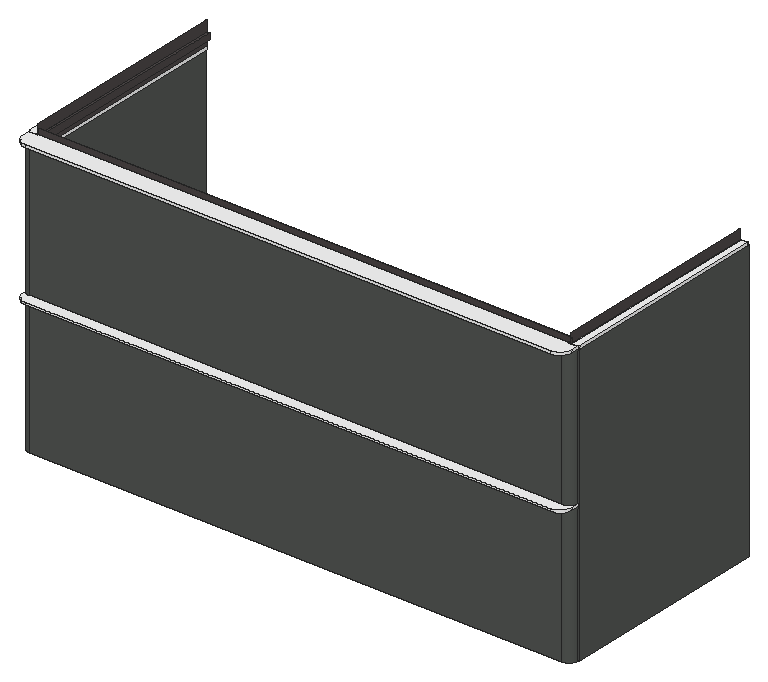
Revit family "vanity unit with 2 drawers", category Furniture, Revit 2019 (continued)
Nested families
  nested 88: "vanity unit 780_475 with 2 drawers for washbasin-54029670-natural oak-matt_black-400_content" at (0, 0, 0), visible <- "Vanity unit 780_475 with 2 drawers for washbasin-54029670-Natural Oak-MATT_BLACK-400_RX0RY0RZ0TX0TY0TZ0_V", ContentVisible <- "Vanity unit 780_475 with 2 drawers for washbasin-54029670-Natural Oak-MATT_BLACK-400_RX0RY0RZ0TX0TY0TZ0_V", type ""
    with ContentVisible no
  nested 89: "vanity unit 780_475 with 2 drawers for washbasin-54029700-natural oak-matt_white-200_content" at (0, 0, 0), visible <- "Vanity unit 780_475 with 2 drawers for washbasin-54029700-Natural Oak-MATT_WHITE-200_RX0RY0RZ0TX0TY0TZ0_V", ContentVisible <- "Vanity unit 780_475 with 2 drawers for washbasin-54029700-Natural Oak-MATT_WHITE-200_RX0RY0RZ0TX0TY0TZ0_V", type ""
    with ContentVisible no
  nested 90: "vanity unit 780_475 with 2 drawers for washbasin-54029700-natural oak-matt_white-400_content" at (0, 0, 0), visible <- "Vanity unit 780_475 with 2 drawers for washbasin-54029700-Natural Oak-MATT_WHITE-400_RX0RY0RZ0TX0TY0TZ0_V", ContentVisible <- "Vanity unit 780_475 with 2 drawers for washbasin-54029700-Natural Oak-MATT_WHITE-400_RX0RY0RZ0TX0TY0TZ0_V", type ""
    with ContentVisible no
  nested 91: "vanity unit 780_475 with 2 drawers for washbasin-54030000-dark walnut-chrome-200_content" at (0, 0, 0), visible <- "Vanity unit 780_475 with 2 drawers for washbasin-54030000-Dark Walnut-CHROME-200_RX0RY0RZ0TX0TY0TZ0_V", ContentVisible <- "Vanity unit 780_475 with 2 drawers for washbasin-54030000-Dark Walnut-CHROME-200_RX0RY0RZ0TX0TY0TZ0_V", type ""
    with ContentVisible no
  nested 92: "vanity unit 780_475 with 2 drawers for washbasin-54030000-dark walnut-chrome-400_content" at (0, 0, 0), visible <- "Vanity unit 780_475 with 2 drawers for washbasin-54030000-Dark Walnut-CHROME-400_RX0RY0RZ0TX0TY0TZ0_V", ContentVisible <- "Vanity unit 780_475 with 2 drawers for washbasin-54030000-Dark Walnut-CHROME-400_RX0RY0RZ0TX0TY0TZ0_V", type ""
    with ContentVisible no
  nested 93: "vanity unit 780_475 with 2 drawers for washbasin-54030670-dark walnut-matt_black-200_content" at (0, 0, 0), visible <- "Vanity unit 780_475 with 2 drawers for washbasin-54030670-Dark Walnut-MATT_BLACK-200_RX0RY0RZ0TX0TY0TZ0_V", ContentVisible <- "Vanity unit 780_475 with 2 drawers for washbasin-54030670-Dark Walnut-MATT_BLACK-200_RX0RY0RZ0TX0TY0TZ0_V", type ""
    with ContentVisible no
  nested 94: "vanity unit 780_475 with 2 drawers for washbasin-54030670-dark walnut-matt_black-400_content" at (0, 0, 0), visible <- "Vanity unit 780_475 with 2 drawers for washbasin-54030670-Dark Walnut-MATT_BLACK-400_RX0RY0RZ0TX0TY0TZ0_V", ContentVisible <- "Vanity unit 780_475 with 2 drawers for washbasin-54030670-Dark Walnut-MATT_BLACK-400_RX0RY0RZ0TX0TY0TZ0_V", type ""
    with ContentVisible no
  nested 95: "vanity unit 780_475 with 2 drawers for washbasin-54030700-dark walnut-matt_white-200_content" at (0, 0, 0), visible <- "Vanity unit 780_475 with 2 drawers for washbasin-54030700-Dark Walnut-MATT_WHITE-200_RX0RY0RZ0TX0TY0TZ0_V", ContentVisible <- "Vanity unit 780_475 with 2 drawers for washbasin-54030700-Dark Walnut-MATT_WHITE-200_RX0RY0RZ0TX0TY0TZ0_V", type ""
    with ContentVisible no
  nested 96: "vanity unit 780_475 with 2 drawers for washbasin-54030700-dark walnut-matt_white-400_content" at (0, 0, 0), visible <- "Vanity unit 780_475 with 2 drawers for washbasin-54030700-Dark Walnut-MATT_WHITE-400_RX0RY0RZ0TX0TY0TZ0_V", ContentVisible <- "Vanity unit 780_475 with 2 drawers for washbasin-54030700-Dark Walnut-MATT_WHITE-400_RX0RY0RZ0TX0TY0TZ0_V", type ""
    with ContentVisible no
  nested 97: "vanity unit 980_475 with 2 drawers for washbasin-54031000-high gloss white-chrome-200_content" at (0, 0, 0), visible <- "Vanity unit 980_475 with 2 drawers for washbasin-54031000-High Gloss White-CHROME-200_RX0RY0RZ0TX0TY0TZ0_V", ContentVisible <- "Vanity unit 980_475 with 2 drawers for washbasin-54031000-High Gloss White-CHROME-200_RX0RY0RZ0TX0TY0TZ0_V", type ""
    with ContentVisible no
  nested 98: "vanity unit 980_475 with 2 drawers for washbasin-54031000-high gloss white-chrome-400_content" at (0, 0, 0), visible <- "Vanity unit 980_475 with 2 drawers for washbasin-54031000-High Gloss White-CHROME-400_RX0RY0RZ0TX0TY0TZ0_V", ContentVisible <- "Vanity unit 980_475 with 2 drawers for washbasin-54031000-High Gloss White-CHROME-400_RX0RY0RZ0TX0TY0TZ0_V", type ""
    with ContentVisible no
  nested 99: "vanity unit 980_475 with 2 drawers for washbasin-54031670-high gloss white-matt_black-200_content" at (0, 0, 0), visible <- "Vanity unit 980_475 with 2 drawers for washbasin-54031670-High Gloss White-MATT_BLACK-200_RX0RY0RZ0TX0TY0TZ0_V", ContentVisible <- "Vanity unit 980_475 with 2 drawers for washbasin-54031670-High Gloss White-MATT_BLACK-200_RX0RY0RZ0TX0TY0TZ0_V", type ""
    with ContentVisible no
  nested 100: "vanity unit 980_475 with 2 drawers for washbasin-54031670-high gloss white-matt_black-400_content" at (0, 0, 0), visible <- "Vanity unit 980_475 with 2 drawers for washbasin-54031670-High Gloss White-MATT_BLACK-400_RX0RY0RZ0TX0TY0TZ0_V", ContentVisible <- "Vanity unit 980_475 with 2 drawers for washbasin-54031670-High Gloss White-MATT_BLACK-400_RX0RY0RZ0TX0TY0TZ0_V", type ""
    with ContentVisible no
  nested 101: "vanity unit 980_475 with 2 drawers for washbasin-54031700-high gloss white-matt_white-200_content" at (0, 0, 0), visible <- "Vanity unit 980_475 with 2 drawers for washbasin-54031700-High Gloss White-MATT_WHITE-200_RX0RY0RZ0TX0TY0TZ0_V", ContentVisible <- "Vanity unit 980_475 with 2 drawers for washbasin-54031700-High Gloss White-MATT_WHITE-200_RX0RY0RZ0TX0TY0TZ0_V", type ""
    with ContentVisible no
  nested 102: "vanity unit 980_475 with 2 drawers for washbasin-54031700-high gloss white-matt_white-400_content" at (0, 0, 0), visible <- "Vanity unit 980_475 with 2 drawers for washbasin-54031700-High Gloss White-MATT_WHITE-400_RX0RY0RZ0TX0TY0TZ0_V", ContentVisible <- "Vanity unit 980_475 with 2 drawers for washbasin-54031700-High Gloss White-MATT_WHITE-400_RX0RY0RZ0TX0TY0TZ0_V", type ""
    with ContentVisible no
  nested 103: "vanity unit 980_475 with 2 drawers for washbasin-54032000-diamond matt grey-chrome-200_content" at (0, 0, 0), visible <- "Vanity unit 980_475 with 2 drawers for washbasin-54032000-Diamond Matt Grey-CHROME-200_RX0RY0RZ0TX0TY0TZ0_V", ContentVisible <- "Vanity unit 980_475 with 2 drawers for washbasin-54032000-Diamond Matt Grey-CHROME-200_RX0RY0RZ0TX0TY0TZ0_V", type ""
    with ContentVisible no
  nested 104: "vanity unit 980_475 with 2 drawers for washbasin-54032000-diamond matt grey-chrome-400_content" at (0, 0, 0), visible <- "Vanity unit 980_475 with 2 drawers for washbasin-54032000-Diamond Matt Grey-CHROME-400_RX0RY0RZ0TX0TY0TZ0_V", ContentVisible <- "Vanity unit 980_475 with 2 drawers for washbasin-54032000-Diamond Matt Grey-CHROME-400_RX0RY0RZ0TX0TY0TZ0_V", type ""
    with ContentVisible no
  nested 105: "vanity unit 980_475 with 2 drawers for washbasin-54032670-diamond matt grey-matt_black-200_content" at (0, 0, 0), visible <- "Vanity unit 980_475 with 2 drawers for washbasin-54032670-Diamond Matt Grey-MATT_BLACK-200_RX0RY0RZ0TX0TY0TZ0_V", ContentVisible <- "Vanity unit 980_475 with 2 drawers for washbasin-54032670-Diamond Matt Grey-MATT_BLACK-200_RX0RY0RZ0TX0TY0TZ0_V", type ""
    with ContentVisible no
  nested 106: "vanity unit 980_475 with 2 drawers for washbasin-54032670-diamond matt grey-matt_black-400_content" at (0, 0, 0), visible <- "Vanity unit 980_475 with 2 drawers for washbasin-54032670-Diamond Matt Grey-MATT_BLACK-400_RX0RY0RZ0TX0TY0TZ0_V", ContentVisible <- "Vanity unit 980_475 with 2 drawers for washbasin-54032670-Diamond Matt Grey-MATT_BLACK-400_RX0RY0RZ0TX0TY0TZ0_V", type ""
    with ContentVisible no
  nested 107: "vanity unit 980_475 with 2 drawers for washbasin-54032700-diamond matt grey-matt_white-200_content" at (0, 0, 0), visible <- "Vanity unit 980_475 with 2 drawers for washbasin-54032700-Diamond Matt Grey-MATT_WHITE-200_RX0RY0RZ0TX0TY0TZ0_V", ContentVisible <- "Vanity unit 980_475 with 2 drawers for washbasin-54032700-Diamond Matt Grey-MATT_WHITE-200_RX0RY0RZ0TX0TY0TZ0_V", type ""
    with ContentVisible no
  nested 108: "vanity unit 980_475 with 2 drawers for washbasin-54032700-diamond matt grey-matt_white-400_content" at (0, 0, 0), visible <- "Vanity unit 980_475 with 2 drawers for washbasin-54032700-Diamond Matt Grey-MATT_WHITE-400_RX0RY0RZ0TX0TY0TZ0_V", ContentVisible <- "Vanity unit 980_475 with 2 drawers for washbasin-54032700-Diamond Matt Grey-MATT_WHITE-400_RX0RY0RZ0TX0TY0TZ0_V", type ""
    with ContentVisible no
  nested 109: "vanity unit 980_475 with 2 drawers for washbasin-54033000-natural oak-chrome-200_content" at (0, 0, 0), visible <- "Vanity unit 980_475 with 2 drawers for washbasin-54033000-Natural Oak-CHROME-200_RX0RY0RZ0TX0TY0TZ0_V", ContentVisible <- "Vanity unit 980_475 with 2 drawers for washbasin-54033000-Natural Oak-CHROME-200_RX0RY0RZ0TX0TY0TZ0_V", type ""
    with ContentVisible no
  nested 110: "vanity unit 980_475 with 2 drawers for washbasin-54033000-natural oak-chrome-400_content" at (0, 0, 0), visible <- "Vanity unit 980_475 with 2 drawers for washbasin-54033000-Natural Oak-CHROME-400_RX0RY0RZ0TX0TY0TZ0_V", ContentVisible <- "Vanity unit 980_475 with 2 drawers for washbasin-54033000-Natural Oak-CHROME-400_RX0RY0RZ0TX0TY0TZ0_V", type ""
    with ContentVisible no
  nested 111: "vanity unit 980_475 with 2 drawers for washbasin-54033670-natural oak-matt_black-200_content" at (0, 0, 0), visible <- "Vanity unit 980_475 with 2 drawers for washbasin-54033670-Natural Oak-MATT_BLACK-200_RX0RY0RZ0TX0TY0TZ0_V", ContentVisible <- "Vanity unit 980_475 with 2 drawers for washbasin-54033670-Natural Oak-MATT_BLACK-200_RX0RY0RZ0TX0TY0TZ0_V", type ""
    with ContentVisible no
  nested 112: "vanity unit 980_475 with 2 drawers for washbasin-54033670-natural oak-matt_black-400_content" at (0, 0, 0), visible <- "Vanity unit 980_475 with 2 drawers for washbasin-54033670-Natural Oak-MATT_BLACK-400_RX0RY0RZ0TX0TY0TZ0_V", ContentVisible <- "Vanity unit 980_475 with 2 drawers for washbasin-54033670-Natural Oak-MATT_BLACK-400_RX0RY0RZ0TX0TY0TZ0_V", type ""
    with ContentVisible no
  nested 113: "vanity unit 980_475 with 2 drawers for washbasin-54033700-natural oak-matt_white-200_content" at (0, 0, 0), visible <- "Vanity unit 980_475 with 2 drawers for washbasin-54033700-Natural Oak-MATT_WHITE-200_RX0RY0RZ0TX0TY0TZ0_V", ContentVisible <- "Vanity unit 980_475 with 2 drawers for washbasin-54033700-Natural Oak-MATT_WHITE-200_RX0RY0RZ0TX0TY0TZ0_V", type ""
    with ContentVisible no
  nested 114: "vanity unit 980_475 with 2 drawers for washbasin-54033700-natural oak-matt_white-400_content" at (0, 0, 0), visible <- "Vanity unit 980_475 with 2 drawers for washbasin-54033700-Natural Oak-MATT_WHITE-400_RX0RY0RZ0TX0TY0TZ0_V", ContentVisible <- "Vanity unit 980_475 with 2 drawers for washbasin-54033700-Natural Oak-MATT_WHITE-400_RX0RY0RZ0TX0TY0TZ0_V", type ""
    with ContentVisible no
  nested 115: "vanity unit 980_475 with 2 drawers for washbasin-54034000-dark walnut-chrome-200_content" at (0, 0, 0), visible <- "Vanity unit 980_475 with 2 drawers for washbasin-54034000-Dark Walnut-CHROME-200_RX0RY0RZ0TX0TY0TZ0_V", ContentVisible <- "Vanity unit 980_475 with 2 drawers for washbasin-54034000-Dark Walnut-CHROME-200_RX0RY0RZ0TX0TY0TZ0_V", type ""
    with ContentVisible no
  nested 116: "vanity unit 980_475 with 2 drawers for washbasin-54034000-dark walnut-chrome-400_content" at (0, 0, 0), visible <- "Vanity unit 980_475 with 2 drawers for washbasin-54034000-Dark Walnut-CHROME-400_RX0RY0RZ0TX0TY0TZ0_V", ContentVisible <- "Vanity unit 980_475 with 2 drawers for washbasin-54034000-Dark Walnut-CHROME-400_RX0RY0RZ0TX0TY0TZ0_V", type ""
    with ContentVisible no
  nested 117: "vanity unit 980_475 with 2 drawers for washbasin-54034670-dark walnut-matt_black-200_content" at (0, 0, 0), visible <- "Vanity unit 980_475 with 2 drawers for washbasin-54034670-Dark Walnut-MATT_BLACK-200_RX0RY0RZ0TX0TY0TZ0_V", ContentVisible <- "Vanity unit 980_475 with 2 drawers for washbasin-54034670-Dark Walnut-MATT_BLACK-200_RX0RY0RZ0TX0TY0TZ0_V", type ""
    with ContentVisible no
  nested 118: "vanity unit 980_475 with 2 drawers for washbasin-54034670-dark walnut-matt_black-400_content" at (0, 0, 0), visible <- "Vanity unit 980_475 with 2 drawers for washbasin-54034670-Dark Walnut-MATT_BLACK-400_RX0RY0RZ0TX0TY0TZ0_V", ContentVisible <- "Vanity unit 980_475 with 2 drawers for washbasin-54034670-Dark Walnut-MATT_BLACK-400_RX0RY0RZ0TX0TY0TZ0_V", type ""
    with ContentVisible no
  nested 119: "vanity unit 980_475 with 2 drawers for washbasin-54034700-dark walnut-matt_white-200_content" at (0, 0, 0), visible <- "Vanity unit 980_475 with 2 drawers for washbasin-54034700-Dark Walnut-MATT_WHITE-200_RX0RY0RZ0TX0TY0TZ0_V", ContentVisible <- "Vanity unit 980_475 with 2 drawers for washbasin-54034700-Dark Walnut-MATT_WHITE-200_RX0RY0RZ0TX0TY0TZ0_V", type ""
    with ContentVisible no
  nested 120: "vanity unit 980_475 with 2 drawers for washbasin-54034700-dark walnut-matt_white-400_content" at (0, 0, 0), visible <- "Vanity unit 980_475 with 2 drawers for washbasin-54034700-Dark Walnut-MATT_WHITE-400_RX0RY0RZ0TX0TY0TZ0_V", ContentVisible <- "Vanity unit 980_475 with 2 drawers for washbasin-54034700-Dark Walnut-MATT_WHITE-400_RX0RY0RZ0TX0TY0TZ0_V", type ""
    with ContentVisible no
Definition of nested family "vanity unit 1180_475 with 2 drawers for washbasin-54036700-diamond matt grey-matt_white-400_content"
  Parameters (values of type "Vanity unit 1180_475 with 2 drawers for washbasin-54036700-Diamond Matt Grey-MATT_WHITE-400_Content")
    etim7_EC011381 = "EC011381"
    WEIGHT = "45.5"
    UNSPSC = "56 | Furniture and Furnishings"
    UNIFORMATII = "E2010 | Fixed Furnishings"
    UNICLASS_2015_CODE = "40_30_78_05"
    UNICLASS2015 = "Pr_40_30_78_05 | Bathroom furniture"
    SURFACE = "MATT_WHITE"
    REGIONSET = "Worldwide"
    PRODUCTURL = "https://pro.hansgrohe.com/articledetail--54036000"
    PRODUCTGROUP = "vanity unit"
    PRODUCTFAMILY = "Xelu Q"
    PERMALINK = "54036XXX"
    OMNICLASS = "23-21 19 15 33 13 | Residential Bathroom Specialty Casework"
    OBJECTTYPE = "Object (single object)"
    OBERFLAECHE = "Diamond Matt Grey"
    NN = "Vanity Unit with 2 Drawers"
    NBSYN = "$BASENUMBER.-$ARTNR.-$OBERFLAECHE.-$SURFACE.-$LODLEVEL."
    NB = "Vanity unit 1180/475 with 2 drawers for washbasin-54036700-Diamond Matt Grey-MATT_WHITE-400"
    NAME = "Xelu Q Vanity unit Diamond Matt Grey 1180/475 with 2 drawers for washbasin"
    Model = "Vanity unit 1180/475 with 2 drawers for washbasin-54036700-Diamond Matt Grey-MATT_WHITE-400"
    Manufacturer = "Hansgrohe"
    MASTERFORMAT = "12 35 30.23 | Bathroom Casework"
    LODLEVEL = "400"
    LINA = "Vanity unit 1180/475 with 2 drawers for washbasin-54036700-Diamond Matt Grey-MATT_WHITE-400"
    L = 1180
    IFC = "Furnishing element"
    GTINCODE = "4059625455777"
    ETIM = "EC011381 | Bathroom furniture set"
    Default Elevation = 1219.2 mm
    DESIGN = "Germany"
    ContentVisible [instance] = yes
    CATALOG = "Hansgrohe"
    BIMOBJECT = "Sanitary: Compound units"
    BASENUMBER = "Vanity unit 1180/475 with 2 drawers for washbasin"
    ARTNR = "54036700"
  Reference planes
    plane 1 "Center (Front/Back)": y = 0
    plane 2: z = 0
    plane 3 "Center (Left/Right)": x = 0
  Forms (mm)
    Extrusion 1, solid, visible <- "ContentVisible", detail levels medium+fine
      sketch origin (0, 0, 0) x (1, 0, 0) y (0, 1, 0)
        loop
          line (-590, 0) -> (-590, -452)
          arc (-590, -452) -> (-589.121, -454.121) -> (-587, -455) r 3
          line (-587, -455) -> (-574, -455) -> (-574, 0) -> (-590, 0)
      from 0 to 600
    Extrusion 2, solid, visible <- "ContentVisible", detail levels medium+fine
      sketch origin (0, 0, 2) x (1, 0, 0) y (0, 1, 0)
        loop
          line (-574, -88) -> (-574, -455) -> (574, -455) -> (574, -88) -> (-574, -88)
      from 0 to 16
    Extrusion 3, solid, visible <- "ContentVisible", detail levels medium+fine
      sketch origin (0, 0, 0) x (1, 0, 0) y (0, 1, 0)
        loop
          line (574, 0) -> (574, -455) -> (587, -455)
          arc (587, -455) -> (589.121, -454.121) -> (590, -452) r 3
          line (590, -452) -> (590, 0) -> (574, 0)
      from 0 to 600
    Extrusion 4, solid, visible <- "ContentVisible", detail levels medium+fine
      sketch origin (0, 0, 2) x (1, 0, 0) y (0, 1, 0)
        loop
          line (-574, -72) -> (-574, -88) -> (574, -88) -> (574, -72) -> (-574, -72)
      from 0 to 126
    Extrusion 5, solid, visible <- "ContentVisible", detail levels medium+fine
      sketch origin (0, 0, 2) x (1, 0, 0) y (0, 1, 0)
        loop
          arc (-590, -457) -> (-584.435, -470.435) -> (-571, -476) r 19
          line (-571, -476) -> (571, -476)
          arc (571, -476) -> (584.435, -470.435) -> (590, -457) r 19
          line (590, -457) -> (590, -455) -> (-590, -455) -> (-590, -457)
      from 0 to 295
    Extrusion 6, solid, visible <- "ContentVisible", detail levels medium+fine
      sketch origin (0, 0, 305) x (1, 0, 0) y (0, 1, 0)
        loop
          arc (-590, -457) -> (-584.435, -470.435) -> (-571, -476) r 19
          line (-571, -476) -> (571, -476)
          arc (571, -476) -> (584.435, -470.435) -> (590, -457) r 19
          line (590, -457) -> (590, -455) -> (-590, -455) -> (-590, -457)
      from 0 to 295
    Extrusion 7, solid, visible <- "ContentVisible", detail levels medium+fine
      sketch origin (0, 0, 297) x (1, 0, 0) y (0, 1, 0)
        loop
          line (-588.5, -455) -> (-588.5, -471)
          arc (-588.5, -471) -> (-581.178, -488.678) -> (-563.5, -496) r 25
          line (-563.5, -496) -> (563.5, -496)
          arc (563.5, -496) -> (581.178, -488.678) -> (588.5, -471) r 25
          line (588.5, -471) -> (588.5, -455) -> (568.5, -455) -> (568.5, -453.5) -> (-568.5, -453.5) -> (-568.5, -455) -> (-588.5, -455)
      from 0 to 5
    Extrusion 8, solid, visible <- "ContentVisible", detail levels medium+fine
      sketch origin (0, 0, 0) x (0, 0, -1) y (0, 1, 0)
        loop
          line (-297, -453.5) -> (-297, -455) -> (-267, -455) -> (-267, -453.5) -> (-297, -453.5)
      from -568.5 to 568.5
    Extrusion 9, solid, visible <- "ContentVisible", detail levels medium+fine
      sketch origin (0, 0, 600) x (1, 0, 0) y (0, 1, 0)
        loop
          line (-588.5, -455) -> (-588.5, -471)
          arc (-588.5, -471) -> (-581.178, -488.678) -> (-563.5, -496) r 25
          line (-563.5, -496) -> (563.5, -496)
          arc (563.5, -496) -> (581.178, -488.678) -> (588.5, -471) r 25
          line (588.5, -471) -> (588.5, -455) -> (568.5, -455) -> (568.5, -453.5) -> (-568.5, -453.5) -> (-568.5, -455) -> (-588.5, -455)
      from 0 to 5
    Extrusion 10, solid, visible <- "ContentVisible", detail levels medium+fine
      sketch origin (0, 0, 0) x (0, 0, -1) y (0, 1, 0)
        loop
          line (-600, -453.5) -> (-600, -455) -> (-570, -455) -> (-570, -453.5) -> (-600, -453.5)
      from -568.5 to 568.5
    Extrusion 11, solid, visible <- "ContentVisible", detail levels medium+fine
      sketch origin (0, 0, 0) x (1, 0, 0) y (0, 0, -1)
        loop
          line (-574, -566.8) -> (-574, -605) -> (-572.5, -605) -> (-572.5, -566.8) -> (-574, -566.8)
      from -455 to 0
    Extrusion 12, solid, visible <- "ContentVisible", detail levels medium+fine
      sketch origin (0, 0, 0) x (1, 0, 0) y (0, 0, -1)
        loop
          line (572.5, -566.8) -> (572.5, -605) -> (574, -605) -> (574, -566.8) -> (572.5, -566.8)
      from -455 to 0
    Extrusion 13, solid, visible <- "ContentVisible", detail levels medium+fine
      sketch origin (0, 0, 600) x (1, 0, 0) y (0, 1, 0)
        loop
          line (-590, -3) -> (-590, -452)
          arc (-590, -452) -> (-589.121, -454.121) -> (-587, -455) r 3
          line (-587, -455) -> (-574, -455) -> (-574, 0) -> (-587, 0)
          arc (-587, 0) -> (-589.121, -0.879) -> (-590, -3) r 3
      from 0 to 5
    Extrusion 14, solid, visible <- "ContentVisible", detail levels medium+fine
      sketch origin (0, 0, 600) x (1, 0, 0) y (0, 1, 0)
        loop
          line (574, 0) -> (574, -455) -> (587, -455)
          arc (587, -455) -> (589.121, -454.121) -> (590, -452) r 3
          line (590, -452) -> (590, -3)
          arc (590, -3) -> (589.121, -0.879) -> (587, 0) r 3
          line (587, 0) -> (574, 0)
      from 0 to 5
    Extrusion 15, solid, visible <- "ContentVisible", detail levels medium+fine
      sketch origin (0, 0, 0) x (1, 0, 0) y (0, 0, -1)
        loop
          line (-572.5, -575.3) -> (-572.5, -624.5) -> (-571, -624.5) -> (-571, -602.8) -> (-566.4, -602.8) -> (-566.4, -588.3) -> (-571, -588.3) -> (-571, -575.3) -> (-572.5, -575.3)
      from -453.5 to 0
    Extrusion 16, solid, visible <- "ContentVisible", detail levels medium+fine
      sketch origin (0, 0, 0) x (1, 0, 0) y (0, 0, -1)
        loop
          line (566.4, -588.3) -> (566.4, -602.8) -> (571, -602.8) -> (571, -624.5) -> (572.5, -624.5) -> (572.5, -575.3) -> (571, -575.3) -> (571, -588.3) -> (566.4, -588.3)
      from -453.5 to 0
    Extrusion 17, solid, visible <- "ContentVisible", detail levels medium+fine
      sketch origin (0, 0, 0) x (0, 0, -1) y (0, 1, 0)
        loop
          line (-616, -453.5) -> (-567, -453.5) -> (-567, -452) -> (-588.5, -452) -> (-588.5, -447.4) -> (-603, -447.4) -> (-603, -452) -> (-616, -452) -> (-616, -453.5)
      from -572.5 to 572.5
    Extrusion 18, solid, visible <- "ContentVisible", detail levels coarse
      sketch origin (0, -248, 0) x (1, 0, 0) y (0, 1, 0)
        loop
          line (-590, -248) -> (590, -248) -> (590, 248) -> (-590, 248) -> (-590, -248)
      from 0 to 624.5
  Dimensions and locks
    aligned and locked: level to plane 2
Definition of nested family "vanity unit 1180_475 with 2 drawers for washbasin-54035000-high gloss white-chrome-200_content"
  Parameters (values of type "Vanity unit 1180_475 with 2 drawers for washbasin-54035000-High Gloss White-CHROME-200_Content")
    etim7_EC011381 = "EC011381"
    WEIGHT = "45.5"
    UNSPSC = "56 | Furniture and Furnishings"
    UNIFORMATII = "E2010 | Fixed Furnishings"
    UNICLASS_2015_CODE = "40_30_78_05"
    UNICLASS2015 = "Pr_40_30_78_05 | Bathroom furniture"
    SURFACE = "CHROME"
    REGIONSET = "Worldwide"
    PRODUCTURL = "https://pro.hansgrohe.com/articledetail--54035000"
    PRODUCTGROUP = "vanity unit"
    PRODUCTFAMILY = "Xelu Q"
    PERMALINK = "54035XXX"
    OMNICLASS = "23-21 19 15 33 13 | Residential Bathroom Specialty Casework"
    OBJECTTYPE = "Object (single object)"
    OBERFLAECHE = "High Gloss White"
    NN = "Vanity Unit with 2 Drawers"
    NBSYN = "$BASENUMBER.-$ARTNR.-$OBERFLAECHE.-$SURFACE.-$LODLEVEL."
    NB = "Vanity unit 1180/475 with 2 drawers for washbasin-54035000-High Gloss White-CHROME-200"
    NAME = "Xelu Q Vanity unit High Gloss White 1180/475 with 2 drawers for washbasin"
    Model = "Vanity unit 1180/475 with 2 drawers for washbasin-54035000-High Gloss White-CHROME-200"
    Manufacturer = "Hansgrohe"
    MASTERFORMAT = "12 35 30.23 | Bathroom Casework"
    LODLEVEL = "200"
    LINA = "Vanity unit 1180/475 with 2 drawers for washbasin-54035000-High Gloss White-CHROME-200"
    L = 1180
    IFC = "Furnishing element"
    GTINCODE = "4059625455807"
    ETIM = "EC011381 | Bathroom furniture set"
    Default Elevation = 1219.2 mm
    DESIGN = "Germany"
    ContentVisible [instance] = yes
    CATALOG = "Hansgrohe"
    BIMOBJECT = "Sanitary: Compound units"
    BASENUMBER = "Vanity unit 1180/475 with 2 drawers for washbasin"
    ARTNR = "54035000"
  Reference planes
    plane 1 "Center (Front/Back)": y = 0
    plane 2: z = 0
    plane 3 "Center (Left/Right)": x = 0
  Forms (mm)
    Extrusion 1, solid, visible <- "ContentVisible", detail levels medium+fine
      sketch origin (0, 0, 0) x (1, 0, 0) y (0, 1, 0)
        loop
          line (-590, 0) -> (-590, -476) -> (590, -476) -> (590, 0) -> (574, 0) -> (574, -72) -> (-574, -72) -> (-574, 0) -> (-590, 0)
      from 0 to 600
    Extrusion 2, solid, visible <- "ContentVisible", detail levels medium+fine
      sketch origin (0, 0, 297) x (1, 0, 0) y (0, 1, 0)
        loop
          line (-588.5, -453.5) -> (-588.5, -496) -> (588.5, -496) -> (588.5, -453.5) -> (-588.5, -453.5)
      from 0 to 5
    Extrusion 3, solid, visible <- "ContentVisible", detail levels medium+fine
      sketch origin (0, 0, 600) x (1, 0, 0) y (0, 1, 0)
        loop
          line (-588.5, -453.5) -> (-588.5, -496) -> (588.5, -496) -> (588.5, -453.5) -> (-588.5, -453.5)
      from 0 to 5
    Extrusion 4, solid, visible <- "ContentVisible", detail levels medium+fine
      sketch origin (0, 0, 0) x (1, 0, 0) y (0, 0, -1)
        loop
          line (-574, -566.8) -> (-574, -605) -> (-572.5, -605) -> (-572.5, -566.8) -> (-574, -566.8)
      from -455 to 0
    Extrusion 5, solid, visible <- "ContentVisible", detail levels medium+fine
      sketch origin (0, 0, 0) x (1, 0, 0) y (0, 0, -1)
        loop
          line (572.5, -566.8) -> (572.5, -605) -> (574, -605) -> (574, -566.8) -> (572.5, -566.8)
      from -455 to 0
    Extrusion 6, solid, visible <- "ContentVisible", detail levels medium+fine
      sketch origin (0, 0, 600) x (1, 0, 0) y (0, 1, 0)
        loop
          line (-590, 0) -> (-590, -455) -> (-574, -455) -> (-574, 0) -> (-590, 0)
      from 0 to 5
    Extrusion 7, solid, visible <- "ContentVisible", detail levels medium+fine
      sketch origin (0, 0, 600) x (1, 0, 0) y (0, 1, 0)
        loop
          line (574, 0) -> (574, -455) -> (590, -455) -> (590, 0) -> (574, 0)
      from 0 to 5
    Extrusion 8, solid, visible <- "ContentVisible", detail levels medium+fine
      sketch origin (0, 0, 0) x (1, 0, 0) y (0, 0, -1)
        loop
          line (-572.5, -575.3) -> (-572.5, -624.5) -> (-566.4, -624.5) -> (-566.4, -575.3) -> (-572.5, -575.3)
      from -453.5 to 0
    Extrusion 9, solid, visible <- "ContentVisible", detail levels medium+fine
      sketch origin (0, 0, 0) x (1, 0, 0) y (0, 0, -1)
        loop
          line (566.4, -575.3) -> (566.4, -624.5) -> (572.5, -624.5) -> (572.5, -575.3) -> (566.4, -575.3)
      from -453.5 to 0
    Extrusion 10, solid, visible <- "ContentVisible", detail levels medium+fine
      sketch origin (0, 0, 0) x (0, 0, -1) y (0, 1, 0)
        loop
          line (-616, -453.5) -> (-567, -453.5) -> (-567, -447.4) -> (-616, -447.4) -> (-616, -453.5)
      from -572.5 to 572.5
    Extrusion 11, solid, visible <- "ContentVisible", detail levels coarse
      sketch origin (0, -248, 0) x (1, 0, 0) y (0, 1, 0)
        loop
          line (-590, -248) -> (590, -248) -> (590, 248) -> (-590, 248) -> (-590, -248)
      from 0 to 624.5
  Dimensions and locks
    aligned and locked: level to plane 2
Definition of nested family "vanity unit 1180_475 with 2 drawers for washbasin-54035000-high gloss white-chrome-400_content"
  Parameters (values of type "Vanity unit 1180_475 with 2 drawers for washbasin-54035000-High Gloss White-CHROME-400_Content")
    etim7_EC011381 = "EC011381"
    WEIGHT = "45.5"
    UNSPSC = "56 | Furniture and Furnishings"
    UNIFORMATII = "E2010 | Fixed Furnishings"
    UNICLASS_2015_CODE = "40_30_78_05"
    UNICLASS2015 = "Pr_40_30_78_05 | Bathroom furniture"
    SURFACE = "CHROME"
    REGIONSET = "Worldwide"
    PRODUCTURL = "https://pro.hansgrohe.com/articledetail--54035000"
    PRODUCTGROUP = "vanity unit"
    PRODUCTFAMILY = "Xelu Q"
    PERMALINK = "54035XXX"
    OMNICLASS = "23-21 19 15 33 13 | Residential Bathroom Specialty Casework"
    OBJECTTYPE = "Object (single object)"
    OBERFLAECHE = "High Gloss White"
    NN = "Vanity Unit with 2 Drawers"
    NBSYN = "$BASENUMBER.-$ARTNR.-$OBERFLAECHE.-$SURFACE.-$LODLEVEL."
    NB = "Vanity unit 1180/475 with 2 drawers for washbasin-54035000-High Gloss White-CHROME-400"
    NAME = "Xelu Q Vanity unit High Gloss White 1180/475 with 2 drawers for washbasin"
    Model = "Vanity unit 1180/475 with 2 drawers for washbasin-54035000-High Gloss White-CHROME-400"
    Manufacturer = "Hansgrohe"
    MASTERFORMAT = "12 35 30.23 | Bathroom Casework"
    LODLEVEL = "400"
    LINA = "Vanity unit 1180/475 with 2 drawers for washbasin-54035000-High Gloss White-CHROME-400"
    L = 1180
    IFC = "Furnishing element"
    GTINCODE = "4059625455807"
    ETIM = "EC011381 | Bathroom furniture set"
    Default Elevation = 1219.2 mm
    DESIGN = "Germany"
    ContentVisible [instance] = yes
    CATALOG = "Hansgrohe"
    BIMOBJECT = "Sanitary: Compound units"
    BASENUMBER = "Vanity unit 1180/475 with 2 drawers for washbasin"
    ARTNR = "54035000"
  Reference planes
    plane 1 "Center (Front/Back)": y = 0
    plane 2: z = 0
    plane 3 "Center (Left/Right)": x = 0
  Forms (mm)
    Extrusion 1, solid, visible <- "ContentVisible", detail levels medium+fine
      sketch origin (0, 0, 0) x (1, 0, 0) y (0, 1, 0)
        loop
          line (-590, 0) -> (-590, -452)
          arc (-590, -452) -> (-589.121, -454.121) -> (-587, -455) r 3
          line (-587, -455) -> (-574, -455) -> (-574, 0) -> (-590, 0)
      from 0 to 600
    Extrusion 2, solid, visible <- "ContentVisible", detail levels medium+fine
      sketch origin (0, 0, 2) x (1, 0, 0) y (0, 1, 0)
        loop
          line (-574, -88) -> (-574, -455) -> (574, -455) -> (574, -88) -> (-574, -88)
      from 0 to 16
    Extrusion 3, solid, visible <- "ContentVisible", detail levels medium+fine
      sketch origin (0, 0, 0) x (1, 0, 0) y (0, 1, 0)
        loop
          line (574, 0) -> (574, -455) -> (587, -455)
          arc (587, -455) -> (589.121, -454.121) -> (590, -452) r 3
          line (590, -452) -> (590, 0) -> (574, 0)
      from 0 to 600
    Extrusion 4, solid, visible <- "ContentVisible", detail levels medium+fine
      sketch origin (0, 0, 2) x (1, 0, 0) y (0, 1, 0)
        loop
          line (-574, -72) -> (-574, -88) -> (574, -88) -> (574, -72) -> (-574, -72)
      from 0 to 126
    Extrusion 5, solid, visible <- "ContentVisible", detail levels medium+fine
      sketch origin (0, 0, 2) x (1, 0, 0) y (0, 1, 0)
        loop
          arc (-590, -457) -> (-584.435, -470.435) -> (-571, -476) r 19
          line (-571, -476) -> (571, -476)
          arc (571, -476) -> (584.435, -470.435) -> (590, -457) r 19
          line (590, -457) -> (590, -455) -> (-590, -455) -> (-590, -457)
      from 0 to 295
    Extrusion 6, solid, visible <- "ContentVisible", detail levels medium+fine
      sketch origin (0, 0, 305) x (1, 0, 0) y (0, 1, 0)
        loop
          arc (-590, -457) -> (-584.435, -470.435) -> (-571, -476) r 19
          line (-571, -476) -> (571, -476)
          arc (571, -476) -> (584.435, -470.435) -> (590, -457) r 19
          line (590, -457) -> (590, -455) -> (-590, -455) -> (-590, -457)
      from 0 to 295
    Extrusion 7, solid, visible <- "ContentVisible", detail levels medium+fine
      sketch origin (0, 0, 297) x (1, 0, 0) y (0, 1, 0)
        loop
          line (-588.5, -455) -> (-588.5, -471)
          arc (-588.5, -471) -> (-581.178, -488.678) -> (-563.5, -496) r 25
          line (-563.5, -496) -> (563.5, -496)
          arc (563.5, -496) -> (581.178, -488.678) -> (588.5, -471) r 25
          line (588.5, -471) -> (588.5, -455) -> (568.5, -455) -> (568.5, -453.5) -> (-568.5, -453.5) -> (-568.5, -455) -> (-588.5, -455)
      from 0 to 5
    Extrusion 8, solid, visible <- "ContentVisible", detail levels medium+fine
      sketch origin (0, 0, 0) x (0, 0, -1) y (0, 1, 0)
        loop
          line (-297, -453.5) -> (-297, -455) -> (-267, -455) -> (-267, -453.5) -> (-297, -453.5)
      from -568.5 to 568.5
    Extrusion 9, solid, visible <- "ContentVisible", detail levels medium+fine
      sketch origin (0, 0, 600) x (1, 0, 0) y (0, 1, 0)
        loop
          line (-588.5, -455) -> (-588.5, -471)
          arc (-588.5, -471) -> (-581.178, -488.678) -> (-563.5, -496) r 25
          line (-563.5, -496) -> (563.5, -496)
          arc (563.5, -496) -> (581.178, -488.678) -> (588.5, -471) r 25
          line (588.5, -471) -> (588.5, -455) -> (568.5, -455) -> (568.5, -453.5) -> (-568.5, -453.5) -> (-568.5, -455) -> (-588.5, -455)
      from 0 to 5
    Extrusion 10, solid, visible <- "ContentVisible", detail levels medium+fine
      sketch origin (0, 0, 0) x (0, 0, -1) y (0, 1, 0)
        loop
          line (-600, -453.5) -> (-600, -455) -> (-570, -455) -> (-570, -453.5) -> (-600, -453.5)
      from -568.5 to 568.5
    Extrusion 11, solid, visible <- "ContentVisible", detail levels medium+fine
      sketch origin (0, 0, 0) x (1, 0, 0) y (0, 0, -1)
        loop
          line (-574, -566.8) -> (-574, -605) -> (-572.5, -605) -> (-572.5, -566.8) -> (-574, -566.8)
      from -455 to 0
    Extrusion 12, solid, visible <- "ContentVisible", detail levels medium+fine
      sketch origin (0, 0, 0) x (1, 0, 0) y (0, 0, -1)
        loop
          line (572.5, -566.8) -> (572.5, -605) -> (574, -605) -> (574, -566.8) -> (572.5, -566.8)
      from -455 to 0
    Extrusion 13, solid, visible <- "ContentVisible", detail levels medium+fine
      sketch origin (0, 0, 600) x (1, 0, 0) y (0, 1, 0)
        loop
          line (-590, -3) -> (-590, -452)
          arc (-590, -452) -> (-589.121, -454.121) -> (-587, -455) r 3
          line (-587, -455) -> (-574, -455) -> (-574, 0) -> (-587, 0)
          arc (-587, 0) -> (-589.121, -0.879) -> (-590, -3) r 3
      from 0 to 5
    Extrusion 14, solid, visible <- "ContentVisible", detail levels medium+fine
      sketch origin (0, 0, 600) x (1, 0, 0) y (0, 1, 0)
        loop
          line (574, 0) -> (574, -455) -> (587, -455)
          arc (587, -455) -> (589.121, -454.121) -> (590, -452) r 3
          line (590, -452) -> (590, -3)
          arc (590, -3) -> (589.121, -0.879) -> (587, 0) r 3
          line (587, 0) -> (574, 0)
      from 0 to 5
    Extrusion 15, solid, visible <- "ContentVisible", detail levels medium+fine
      sketch origin (0, 0, 0) x (1, 0, 0) y (0, 0, -1)
        loop
          line (-572.5, -575.3) -> (-572.5, -624.5) -> (-571, -624.5) -> (-571, -602.8) -> (-566.4, -602.8) -> (-566.4, -588.3) -> (-571, -588.3) -> (-571, -575.3) -> (-572.5, -575.3)
      from -453.5 to 0
    Extrusion 16, solid, visible <- "ContentVisible", detail levels medium+fine
      sketch origin (0, 0, 0) x (1, 0, 0) y (0, 0, -1)
        loop
          line (566.4, -588.3) -> (566.4, -602.8) -> (571, -602.8) -> (571, -624.5) -> (572.5, -624.5) -> (572.5, -575.3) -> (571, -575.3) -> (571, -588.3) -> (566.4, -588.3)
      from -453.5 to 0
    Extrusion 17, solid, visible <- "ContentVisible", detail levels medium+fine
      sketch origin (0, 0, 0) x (0, 0, -1) y (0, 1, 0)
        loop
          line (-616, -453.5) -> (-567, -453.5) -> (-567, -452) -> (-588.5, -452) -> (-588.5, -447.4) -> (-603, -447.4) -> (-603, -452) -> (-616, -452) -> (-616, -453.5)
      from -572.5 to 572.5
    Extrusion 18, solid, visible <- "ContentVisible", detail levels coarse
      sketch origin (0, -248, 0) x (1, 0, 0) y (0, 1, 0)
        loop
          line (-590, -248) -> (590, -248) -> (590, 248) -> (-590, 248) -> (-590, -248)
      from 0 to 624.5
  Dimensions and locks
    aligned and locked: level to plane 2
Definition of nested family "vanity unit 1180_475 with 2 drawers for washbasin-54035670-high gloss white-matt_black-200_content"
  Parameters (values of type "Vanity unit 1180_475 with 2 drawers for washbasin-54035670-High Gloss White-MATT_BLACK-200_Content")
    etim7_EC011381 = "EC011381"
    WEIGHT = "45.5"
    UNSPSC = "56 | Furniture and Furnishings"
    UNIFORMATII = "E2010 | Fixed Furnishings"
    UNICLASS_2015_CODE = "40_30_78_05"
    UNICLASS2015 = "Pr_40_30_78_05 | Bathroom furniture"
    SURFACE = "MATT_BLACK"
    REGIONSET = "Worldwide"
    PRODUCTURL = "https://pro.hansgrohe.com/articledetail--54035000"
    PRODUCTGROUP = "vanity unit"
    PRODUCTFAMILY = "Xelu Q"
    PERMALINK = "54035XXX"
    OMNICLASS = "23-21 19 15 33 13 | Residential Bathroom Specialty Casework"
    OBJECTTYPE = "Object (single object)"
    OBERFLAECHE = "High Gloss White"
    NN = "Vanity Unit with 2 Drawers"
    NBSYN = "$BASENUMBER.-$ARTNR.-$OBERFLAECHE.-$SURFACE.-$LODLEVEL."
    NB = "Vanity unit 1180/475 with 2 drawers for washbasin-54035670-High Gloss White-MATT_BLACK-200"
    NAME = "Xelu Q Vanity unit High Gloss White 1180/475 with 2 drawers for washbasin"
    Model = "Vanity unit 1180/475 with 2 drawers for washbasin-54035670-High Gloss White-MATT_BLACK-200"
    Manufacturer = "Hansgrohe"
    MASTERFORMAT = "12 35 30.23 | Bathroom Casework"
    LODLEVEL = "200"
    LINA = "Vanity unit 1180/475 with 2 drawers for washbasin-54035670-High Gloss White-MATT_BLACK-200"
    L = 1180
    IFC = "Furnishing element"
    GTINCODE = "4059625455807"
    ETIM = "EC011381 | Bathroom furniture set"
    Default Elevation = 1219.2 mm
    DESIGN = "Germany"
    ContentVisible [instance] = yes
    CATALOG = "Hansgrohe"
    BIMOBJECT = "Sanitary: Compound units"
    BASENUMBER = "Vanity unit 1180/475 with 2 drawers for washbasin"
    ARTNR = "54035670"
  Reference planes
    plane 1 "Center (Front/Back)": y = 0
    plane 2: z = 0
    plane 3 "Center (Left/Right)": x = 0
  Forms (mm)
    Extrusion 1, solid, visible <- "ContentVisible", detail levels medium+fine
      sketch origin (0, 0, 0) x (1, 0, 0) y (0, 1, 0)
        loop
          line (-590, 0) -> (-590, -476) -> (590, -476) -> (590, 0) -> (574, 0) -> (574, -72) -> (-574, -72) -> (-574, 0) -> (-590, 0)
      from 0 to 600
    Extrusion 2, solid, visible <- "ContentVisible", detail levels medium+fine
      sketch origin (0, 0, 297) x (1, 0, 0) y (0, 1, 0)
        loop
          line (-588.5, -453.5) -> (-588.5, -496) -> (588.5, -496) -> (588.5, -453.5) -> (-588.5, -453.5)
      from 0 to 5
    Extrusion 3, solid, visible <- "ContentVisible", detail levels medium+fine
      sketch origin (0, 0, 600) x (1, 0, 0) y (0, 1, 0)
        loop
          line (-588.5, -453.5) -> (-588.5, -496) -> (588.5, -496) -> (588.5, -453.5) -> (-588.5, -453.5)
      from 0 to 5
    Extrusion 4, solid, visible <- "ContentVisible", detail levels medium+fine
      sketch origin (0, 0, 0) x (1, 0, 0) y (0, 0, -1)
        loop
          line (-574, -566.8) -> (-574, -605) -> (-572.5, -605) -> (-572.5, -566.8) -> (-574, -566.8)
      from -455 to 0
    Extrusion 5, solid, visible <- "ContentVisible", detail levels medium+fine
      sketch origin (0, 0, 0) x (1, 0, 0) y (0, 0, -1)
        loop
          line (572.5, -566.8) -> (572.5, -605) -> (574, -605) -> (574, -566.8) -> (572.5, -566.8)
      from -455 to 0
    Extrusion 6, solid, visible <- "ContentVisible", detail levels medium+fine
      sketch origin (0, 0, 600) x (1, 0, 0) y (0, 1, 0)
        loop
          line (-590, 0) -> (-590, -455) -> (-574, -455) -> (-574, 0) -> (-590, 0)
      from 0 to 5
    Extrusion 7, solid, visible <- "ContentVisible", detail levels medium+fine
      sketch origin (0, 0, 600) x (1, 0, 0) y (0, 1, 0)
        loop
          line (574, 0) -> (574, -455) -> (590, -455) -> (590, 0) -> (574, 0)
      from 0 to 5
    Extrusion 8, solid, visible <- "ContentVisible", detail levels medium+fine
      sketch origin (0, 0, 0) x (1, 0, 0) y (0, 0, -1)
        loop
          line (-572.5, -575.3) -> (-572.5, -624.5) -> (-566.4, -624.5) -> (-566.4, -575.3) -> (-572.5, -575.3)
      from -453.5 to 0
    Extrusion 9, solid, visible <- "ContentVisible", detail levels medium+fine
      sketch origin (0, 0, 0) x (1, 0, 0) y (0, 0, -1)
        loop
          line (566.4, -575.3) -> (566.4, -624.5) -> (572.5, -624.5) -> (572.5, -575.3) -> (566.4, -575.3)
      from -453.5 to 0
    Extrusion 10, solid, visible <- "ContentVisible", detail levels medium+fine
      sketch origin (0, 0, 0) x (0, 0, -1) y (0, 1, 0)
        loop
          line (-616, -453.5) -> (-567, -453.5) -> (-567, -447.4) -> (-616, -447.4) -> (-616, -453.5)
      from -572.5 to 572.5
    Extrusion 11, solid, visible <- "ContentVisible", detail levels coarse
      sketch origin (0, -248, 0) x (1, 0, 0) y (0, 1, 0)
        loop
          line (-590, -248) -> (590, -248) -> (590, 248) -> (-590, 248) -> (-590, -248)
      from 0 to 624.5
  Dimensions and locks
    aligned and locked: level to plane 2
Definition of nested family "vanity unit 1180_475 with 2 drawers for washbasin-54035670-high gloss white-matt_black-400_content"
  Parameters (values of type "Vanity unit 1180_475 with 2 drawers for washbasin-54035670-High Gloss White-MATT_BLACK-400_Content")
    etim7_EC011381 = "EC011381"
    WEIGHT = "45.5"
    UNSPSC = "56 | Furniture and Furnishings"
    UNIFORMATII = "E2010 | Fixed Furnishings"
    UNICLASS_2015_CODE = "40_30_78_05"
    UNICLASS2015 = "Pr_40_30_78_05 | Bathroom furniture"
    SURFACE = "MATT_BLACK"
    REGIONSET = "Worldwide"
    PRODUCTURL = "https://pro.hansgrohe.com/articledetail--54035000"
    PRODUCTGROUP = "vanity unit"
    PRODUCTFAMILY = "Xelu Q"
    PERMALINK = "54035XXX"
    OMNICLASS = "23-21 19 15 33 13 | Residential Bathroom Specialty Casework"
    OBJECTTYPE = "Object (single object)"
    OBERFLAECHE = "High Gloss White"
    NN = "Vanity Unit with 2 Drawers"
    NBSYN = "$BASENUMBER.-$ARTNR.-$OBERFLAECHE.-$SURFACE.-$LODLEVEL."
    NB = "Vanity unit 1180/475 with 2 drawers for washbasin-54035670-High Gloss White-MATT_BLACK-400"
    NAME = "Xelu Q Vanity unit High Gloss White 1180/475 with 2 drawers for washbasin"
    Model = "Vanity unit 1180/475 with 2 drawers for washbasin-54035670-High Gloss White-MATT_BLACK-400"
    Manufacturer = "Hansgrohe"
    MASTERFORMAT = "12 35 30.23 | Bathroom Casework"
    LODLEVEL = "400"
    LINA = "Vanity unit 1180/475 with 2 drawers for washbasin-54035670-High Gloss White-MATT_BLACK-400"
    L = 1180
    IFC = "Furnishing element"
    GTINCODE = "4059625455807"
    ETIM = "EC011381 | Bathroom furniture set"
    Default Elevation = 1219.2 mm
    DESIGN = "Germany"
    ContentVisible [instance] = yes
    CATALOG = "Hansgrohe"
    BIMOBJECT = "Sanitary: Compound units"
    BASENUMBER = "Vanity unit 1180/475 with 2 drawers for washbasin"
    ARTNR = "54035670"
  Reference planes
    plane 1 "Center (Front/Back)": y = 0
    plane 2: z = 0
    plane 3 "Center (Left/Right)": x = 0
  Forms (mm)
    Extrusion 1, solid, visible <- "ContentVisible", detail levels medium+fine
      sketch origin (0, 0, 0) x (1, 0, 0) y (0, 1, 0)
        loop
          line (-590, 0) -> (-590, -452)
          arc (-590, -452) -> (-589.121, -454.121) -> (-587, -455) r 3
          line (-587, -455) -> (-574, -455) -> (-574, 0) -> (-590, 0)
      from 0 to 600
    Extrusion 2, solid, visible <- "ContentVisible", detail levels medium+fine
      sketch origin (0, 0, 2) x (1, 0, 0) y (0, 1, 0)
        loop
          line (-574, -88) -> (-574, -455) -> (574, -455) -> (574, -88) -> (-574, -88)
      from 0 to 16
    Extrusion 3, solid, visible <- "ContentVisible", detail levels medium+fine
      sketch origin (0, 0, 0) x (1, 0, 0) y (0, 1, 0)
        loop
          line (574, 0) -> (574, -455) -> (587, -455)
          arc (587, -455) -> (589.121, -454.121) -> (590, -452) r 3
          line (590, -452) -> (590, 0) -> (574, 0)
      from 0 to 600
    Extrusion 4, solid, visible <- "ContentVisible", detail levels medium+fine
      sketch origin (0, 0, 2) x (1, 0, 0) y (0, 1, 0)
        loop
          line (-574, -72) -> (-574, -88) -> (574, -88) -> (574, -72) -> (-574, -72)
      from 0 to 126
    Extrusion 5, solid, visible <- "ContentVisible", detail levels medium+fine
      sketch origin (0, 0, 2) x (1, 0, 0) y (0, 1, 0)
        loop
          arc (-590, -457) -> (-584.435, -470.435) -> (-571, -476) r 19
          line (-571, -476) -> (571, -476)
          arc (571, -476) -> (584.435, -470.435) -> (590, -457) r 19
          line (590, -457) -> (590, -455) -> (-590, -455) -> (-590, -457)
      from 0 to 295
    Extrusion 6, solid, visible <- "ContentVisible", detail levels medium+fine
      sketch origin (0, 0, 305) x (1, 0, 0) y (0, 1, 0)
        loop
          arc (-590, -457) -> (-584.435, -470.435) -> (-571, -476) r 19
          line (-571, -476) -> (571, -476)
          arc (571, -476) -> (584.435, -470.435) -> (590, -457) r 19
          line (590, -457) -> (590, -455) -> (-590, -455) -> (-590, -457)
      from 0 to 295
    Extrusion 7, solid, visible <- "ContentVisible", detail levels medium+fine
      sketch origin (0, 0, 297) x (1, 0, 0) y (0, 1, 0)
        loop
          line (-588.5, -455) -> (-588.5, -471)
          arc (-588.5, -471) -> (-581.178, -488.678) -> (-563.5, -496) r 25
          line (-563.5, -496) -> (563.5, -496)
          arc (563.5, -496) -> (581.178, -488.678) -> (588.5, -471) r 25
          line (588.5, -471) -> (588.5, -455) -> (568.5, -455) -> (568.5, -453.5) -> (-568.5, -453.5) -> (-568.5, -455) -> (-588.5, -455)
      from 0 to 5
    Extrusion 8, solid, visible <- "ContentVisible", detail levels medium+fine
      sketch origin (0, 0, 0) x (0, 0, -1) y (0, 1, 0)
        loop
          line (-297, -453.5) -> (-297, -455) -> (-267, -455) -> (-267, -453.5) -> (-297, -453.5)
      from -568.5 to 568.5
    Extrusion 9, solid, visible <- "ContentVisible", detail levels medium+fine
      sketch origin (0, 0, 600) x (1, 0, 0) y (0, 1, 0)
        loop
          line (-588.5, -455) -> (-588.5, -471)
          arc (-588.5, -471) -> (-581.178, -488.678) -> (-563.5, -496) r 25
          line (-563.5, -496) -> (563.5, -496)
          arc (563.5, -496) -> (581.178, -488.678) -> (588.5, -471) r 25
          line (588.5, -471) -> (588.5, -455) -> (568.5, -455) -> (568.5, -453.5) -> (-568.5, -453.5) -> (-568.5, -455) -> (-588.5, -455)
      from 0 to 5
    Extrusion 10, solid, visible <- "ContentVisible", detail levels medium+fine
      sketch origin (0, 0, 0) x (0, 0, -1) y (0, 1, 0)
        loop
          line (-600, -453.5) -> (-600, -455) -> (-570, -455) -> (-570, -453.5) -> (-600, -453.5)
      from -568.5 to 568.5
    Extrusion 11, solid, visible <- "ContentVisible", detail levels medium+fine
      sketch origin (0, 0, 0) x (1, 0, 0) y (0, 0, -1)
        loop
          line (-574, -566.8) -> (-574, -605) -> (-572.5, -605) -> (-572.5, -566.8) -> (-574, -566.8)
      from -455 to 0
    Extrusion 12, solid, visible <- "ContentVisible", detail levels medium+fine
      sketch origin (0, 0, 0) x (1, 0, 0) y (0, 0, -1)
        loop
          line (572.5, -566.8) -> (572.5, -605) -> (574, -605) -> (574, -566.8) -> (572.5, -566.8)
      from -455 to 0
    Extrusion 13, solid, visible <- "ContentVisible", detail levels medium+fine
      sketch origin (0, 0, 600) x (1, 0, 0) y (0, 1, 0)
        loop
          line (-590, -3) -> (-590, -452)
          arc (-590, -452) -> (-589.121, -454.121) -> (-587, -455) r 3
          line (-587, -455) -> (-574, -455) -> (-574, 0) -> (-587, 0)
          arc (-587, 0) -> (-589.121, -0.879) -> (-590, -3) r 3
      from 0 to 5
    Extrusion 14, solid, visible <- "ContentVisible", detail levels medium+fine
      sketch origin (0, 0, 600) x (1, 0, 0) y (0, 1, 0)
        loop
          line (574, 0) -> (574, -455) -> (587, -455)
          arc (587, -455) -> (589.121, -454.121) -> (590, -452) r 3
          line (590, -452) -> (590, -3)
          arc (590, -3) -> (589.121, -0.879) -> (587, 0) r 3
          line (587, 0) -> (574, 0)
      from 0 to 5
    Extrusion 15, solid, visible <- "ContentVisible", detail levels medium+fine
      sketch origin (0, 0, 0) x (1, 0, 0) y (0, 0, -1)
        loop
          line (-572.5, -575.3) -> (-572.5, -624.5) -> (-571, -624.5) -> (-571, -602.8) -> (-566.4, -602.8) -> (-566.4, -588.3) -> (-571, -588.3) -> (-571, -575.3) -> (-572.5, -575.3)
      from -453.5 to 0
    Extrusion 16, solid, visible <- "ContentVisible", detail levels medium+fine
      sketch origin (0, 0, 0) x (1, 0, 0) y (0, 0, -1)
        loop
          line (566.4, -588.3) -> (566.4, -602.8) -> (571, -602.8) -> (571, -624.5) -> (572.5, -624.5) -> (572.5, -575.3) -> (571, -575.3) -> (571, -588.3) -> (566.4, -588.3)
      from -453.5 to 0
    Extrusion 17, solid, visible <- "ContentVisible", detail levels medium+fine
      sketch origin (0, 0, 0) x (0, 0, -1) y (0, 1, 0)
        loop
          line (-616, -453.5) -> (-567, -453.5) -> (-567, -452) -> (-588.5, -452) -> (-588.5, -447.4) -> (-603, -447.4) -> (-603, -452) -> (-616, -452) -> (-616, -453.5)
      from -572.5 to 572.5
    Extrusion 18, solid, visible <- "ContentVisible", detail levels coarse
      sketch origin (0, -248, 0) x (1, 0, 0) y (0, 1, 0)
        loop
          line (-590, -248) -> (590, -248) -> (590, 248) -> (-590, 248) -> (-590, -248)
      from 0 to 624.5
  Dimensions and locks
    aligned and locked: level to plane 2
Definition of nested family "vanity unit 1180_475 with 2 drawers for washbasin-54035700-high gloss white-matt_white-200_content"
  Parameters (values of type "Vanity unit 1180_475 with 2 drawers for washbasin-54035700-High Gloss White-MATT_WHITE-200_Content")
    etim7_EC011381 = "EC011381"
    WEIGHT = "45.5"
    UNSPSC = "56 | Furniture and Furnishings"
    UNIFORMATII = "E2010 | Fixed Furnishings"
    UNICLASS_2015_CODE = "40_30_78_05"
    UNICLASS2015 = "Pr_40_30_78_05 | Bathroom furniture"
    SURFACE = "MATT_WHITE"
    REGIONSET = "Worldwide"
    PRODUCTURL = "https://pro.hansgrohe.com/articledetail--54035000"
    PRODUCTGROUP = "vanity unit"
    PRODUCTFAMILY = "Xelu Q"
    PERMALINK = "54035XXX"
    OMNICLASS = "23-21 19 15 33 13 | Residential Bathroom Specialty Casework"
    OBJECTTYPE = "Object (single object)"
    OBERFLAECHE = "High Gloss White"
    NN = "Vanity Unit with 2 Drawers"
    NBSYN = "$BASENUMBER.-$ARTNR.-$OBERFLAECHE.-$SURFACE.-$LODLEVEL."
    NB = "Vanity unit 1180/475 with 2 drawers for washbasin-54035700-High Gloss White-MATT_WHITE-200"
    NAME = "Xelu Q Vanity unit High Gloss White 1180/475 with 2 drawers for washbasin"
    Model = "Vanity unit 1180/475 with 2 drawers for washbasin-54035700-High Gloss White-MATT_WHITE-200"
    Manufacturer = "Hansgrohe"
    MASTERFORMAT = "12 35 30.23 | Bathroom Casework"
    LODLEVEL = "200"
    LINA = "Vanity unit 1180/475 with 2 drawers for washbasin-54035700-High Gloss White-MATT_WHITE-200"
    L = 1180
    IFC = "Furnishing element"
    GTINCODE = "4059625455807"
    ETIM = "EC011381 | Bathroom furniture set"
    Default Elevation = 1219.2 mm
    DESIGN = "Germany"
    ContentVisible [instance] = yes
    CATALOG = "Hansgrohe"
    BIMOBJECT = "Sanitary: Compound units"
    BASENUMBER = "Vanity unit 1180/475 with 2 drawers for washbasin"
    ARTNR = "54035700"
  Reference planes
    plane 1 "Center (Front/Back)": y = 0
    plane 2: z = 0
    plane 3 "Center (Left/Right)": x = 0
  Forms (mm)
    Extrusion 1, solid, visible <- "ContentVisible", detail levels medium+fine
      sketch origin (0, 0, 0) x (1, 0, 0) y (0, 1, 0)
        loop
          line (-590, 0) -> (-590, -476) -> (590, -476) -> (590, 0) -> (574, 0) -> (574, -72) -> (-574, -72) -> (-574, 0) -> (-590, 0)
      from 0 to 600
    Extrusion 2, solid, visible <- "ContentVisible", detail levels medium+fine
      sketch origin (0, 0, 297) x (1, 0, 0) y (0, 1, 0)
        loop
          line (-588.5, -453.5) -> (-588.5, -496) -> (588.5, -496) -> (588.5, -453.5) -> (-588.5, -453.5)
      from 0 to 5
    Extrusion 3, solid, visible <- "ContentVisible", detail levels medium+fine
      sketch origin (0, 0, 600) x (1, 0, 0) y (0, 1, 0)
        loop
          line (-588.5, -453.5) -> (-588.5, -496) -> (588.5, -496) -> (588.5, -453.5) -> (-588.5, -453.5)
      from 0 to 5
    Extrusion 4, solid, visible <- "ContentVisible", detail levels medium+fine
      sketch origin (0, 0, 0) x (1, 0, 0) y (0, 0, -1)
        loop
          line (-574, -566.8) -> (-574, -605) -> (-572.5, -605) -> (-572.5, -566.8) -> (-574, -566.8)
      from -455 to 0
    Extrusion 5, solid, visible <- "ContentVisible", detail levels medium+fine
      sketch origin (0, 0, 0) x (1, 0, 0) y (0, 0, -1)
        loop
          line (572.5, -566.8) -> (572.5, -605) -> (574, -605) -> (574, -566.8) -> (572.5, -566.8)
      from -455 to 0
    Extrusion 6, solid, visible <- "ContentVisible", detail levels medium+fine
      sketch origin (0, 0, 600) x (1, 0, 0) y (0, 1, 0)
        loop
          line (-590, 0) -> (-590, -455) -> (-574, -455) -> (-574, 0) -> (-590, 0)
      from 0 to 5
    Extrusion 7, solid, visible <- "ContentVisible", detail levels medium+fine
      sketch origin (0, 0, 600) x (1, 0, 0) y (0, 1, 0)
        loop
          line (574, 0) -> (574, -455) -> (590, -455) -> (590, 0) -> (574, 0)
      from 0 to 5
    Extrusion 8, solid, visible <- "ContentVisible", detail levels medium+fine
      sketch origin (0, 0, 0) x (1, 0, 0) y (0, 0, -1)
        loop
          line (-572.5, -575.3) -> (-572.5, -624.5) -> (-566.4, -624.5) -> (-566.4, -575.3) -> (-572.5, -575.3)
      from -453.5 to 0
    Extrusion 9, solid, visible <- "ContentVisible", detail levels medium+fine
      sketch origin (0, 0, 0) x (1, 0, 0) y (0, 0, -1)
        loop
          line (566.4, -575.3) -> (566.4, -624.5) -> (572.5, -624.5) -> (572.5, -575.3) -> (566.4, -575.3)
      from -453.5 to 0
    Extrusion 10, solid, visible <- "ContentVisible", detail levels medium+fine
      sketch origin (0, 0, 0) x (0, 0, -1) y (0, 1, 0)
        loop
          line (-616, -453.5) -> (-567, -453.5) -> (-567, -447.4) -> (-616, -447.4) -> (-616, -453.5)
      from -572.5 to 572.5
    Extrusion 11, solid, visible <- "ContentVisible", detail levels coarse
      sketch origin (0, -248, 0) x (1, 0, 0) y (0, 1, 0)
        loop
          line (-590, -248) -> (590, -248) -> (590, 248) -> (-590, 248) -> (-590, -248)
      from 0 to 624.5
  Dimensions and locks
    aligned and locked: level to plane 2
Definition of nested family "vanity unit 1180_475 with 2 drawers for washbasin-54035700-high gloss white-matt_white-400_content"
  Parameters (values of type "Vanity unit 1180_475 with 2 drawers for washbasin-54035700-High Gloss White-MATT_WHITE-400_Content")
    etim7_EC011381 = "EC011381"
    WEIGHT = "45.5"
    UNSPSC = "56 | Furniture and Furnishings"
    UNIFORMATII = "E2010 | Fixed Furnishings"
    UNICLASS_2015_CODE = "40_30_78_05"
    UNICLASS2015 = "Pr_40_30_78_05 | Bathroom furniture"
    SURFACE = "MATT_WHITE"
    REGIONSET = "Worldwide"
    PRODUCTURL = "https://pro.hansgrohe.com/articledetail--54035000"
    PRODUCTGROUP = "vanity unit"
    PRODUCTFAMILY = "Xelu Q"
    PERMALINK = "54035XXX"
    OMNICLASS = "23-21 19 15 33 13 | Residential Bathroom Specialty Casework"
    OBJECTTYPE = "Object (single object)"
    OBERFLAECHE = "High Gloss White"
    NN = "Vanity Unit with 2 Drawers"
    NBSYN = "$BASENUMBER.-$ARTNR.-$OBERFLAECHE.-$SURFACE.-$LODLEVEL."
    NB = "Vanity unit 1180/475 with 2 drawers for washbasin-54035700-High Gloss White-MATT_WHITE-400"
    NAME = "Xelu Q Vanity unit High Gloss White 1180/475 with 2 drawers for washbasin"
    Model = "Vanity unit 1180/475 with 2 drawers for washbasin-54035700-High Gloss White-MATT_WHITE-400"
    Manufacturer = "Hansgrohe"
    MASTERFORMAT = "12 35 30.23 | Bathroom Casework"
    LODLEVEL = "400"
    LINA = "Vanity unit 1180/475 with 2 drawers for washbasin-54035700-High Gloss White-MATT_WHITE-400"
    L = 1180
    IFC = "Furnishing element"
    GTINCODE = "4059625455807"
    ETIM = "EC011381 | Bathroom furniture set"
    Default Elevation = 1219.2 mm
    DESIGN = "Germany"
    ContentVisible [instance] = yes
    CATALOG = "Hansgrohe"
    BIMOBJECT = "Sanitary: Compound units"
    BASENUMBER = "Vanity unit 1180/475 with 2 drawers for washbasin"
    ARTNR = "54035700"
  Reference planes
    plane 1 "Center (Front/Back)": y = 0
    plane 2: z = 0
    plane 3 "Center (Left/Right)": x = 0
  Forms (mm)
    Extrusion 1, solid, visible <- "ContentVisible", detail levels medium+fine
      sketch origin (0, 0, 0) x (1, 0, 0) y (0, 1, 0)
        loop
          line (-590, 0) -> (-590, -452)
          arc (-590, -452) -> (-589.121, -454.121) -> (-587, -455) r 3
          line (-587, -455) -> (-574, -455) -> (-574, 0) -> (-590, 0)
      from 0 to 600
    Extrusion 2, solid, visible <- "ContentVisible", detail levels medium+fine
      sketch origin (0, 0, 2) x (1, 0, 0) y (0, 1, 0)
        loop
          line (-574, -88) -> (-574, -455) -> (574, -455) -> (574, -88) -> (-574, -88)
      from 0 to 16
    Extrusion 3, solid, visible <- "ContentVisible", detail levels medium+fine
      sketch origin (0, 0, 0) x (1, 0, 0) y (0, 1, 0)
        loop
          line (574, 0) -> (574, -455) -> (587, -455)
          arc (587, -455) -> (589.121, -454.121) -> (590, -452) r 3
          line (590, -452) -> (590, 0) -> (574, 0)
      from 0 to 600
    Extrusion 4, solid, visible <- "ContentVisible", detail levels medium+fine
      sketch origin (0, 0, 2) x (1, 0, 0) y (0, 1, 0)
        loop
          line (-574, -72) -> (-574, -88) -> (574, -88) -> (574, -72) -> (-574, -72)
      from 0 to 126
    Extrusion 5, solid, visible <- "ContentVisible", detail levels medium+fine
      sketch origin (0, 0, 2) x (1, 0, 0) y (0, 1, 0)
        loop
          arc (-590, -457) -> (-584.435, -470.435) -> (-571, -476) r 19
          line (-571, -476) -> (571, -476)
          arc (571, -476) -> (584.435, -470.435) -> (590, -457) r 19
          line (590, -457) -> (590, -455) -> (-590, -455) -> (-590, -457)
      from 0 to 295
    Extrusion 6, solid, visible <- "ContentVisible", detail levels medium+fine
      sketch origin (0, 0, 305) x (1, 0, 0) y (0, 1, 0)
        loop
          arc (-590, -457) -> (-584.435, -470.435) -> (-571, -476) r 19
          line (-571, -476) -> (571, -476)
